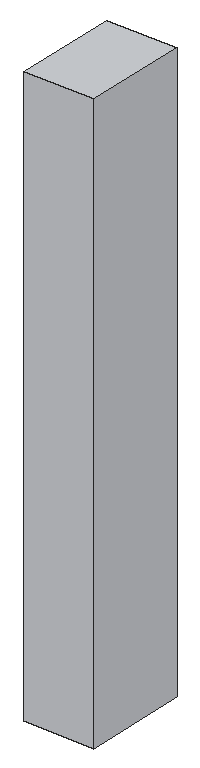
Revit family "Concrete_Rectangular", category Structural Columns, Revit 2024
Family settings
  Display in Hidden Views = Edges Hidden by Other Members
  Section Shape = Not Defined
  Material for Model Behavior = Concrete
  Always export as geometry = No
  Beam cutback in plan = From bounding box
  Cut with Voids When Loaded = No
  Symbolic Representation = From Family
  Shared = No
  Show family pre-cut in plan views = Yes
Parameters (values of type "300 x 450mm")
  b = 300 mm
  h = 450 mm
  Structural Material [instance] = none
  Keynote = "E"
  EA_Repath [instance] = 0 mm
Types (3, lengths in mm): name | b | h
  300 x 450mm | 300 | 450
  450 x 600mm | 450 | 600
  600 x 750mm | 600 | 750
Reference planes
  plane 1 "Center (Front/Back)": y = 0
  plane 2: z = 0
  plane 3 "Center (Left/Right)": x = 0
  plane 4: x = -150
  plane 5: x = 150
  plane 6: y = 225
  plane 7: y = -225
Forms (mm)
  Extrusion 1, solid, material <- "Structural Material"
    sketch origin (0, 0, 0) x (1, 0, 0) y (0, 1, 0)
      loop
        line (-150, 225) -> (-150, -225) -> (150, -225) -> (150, 225) -> (-150, 225)
    from 0 to 2500
Dimensions and locks
  equal spacing: plane 4, plane 3 "Center (Left/Right)", plane 5
  equal spacing: plane 7, plane 1 "Center (Front/Back)", plane 6
  "h": plane 7 to plane 6
  "b": plane 4 to plane 5
  aligned and locked: plane 6 to Extrusion 1 sketch curve
  aligned and locked: Extrusion 1 sketch curve to plane 7
  aligned and locked: Extrusion 1 sketch curve to plane 4
  aligned and locked: plane 5 to Extrusion 1 sketch curve
  aligned and locked: level to Extrusion 1
  aligned and locked: level to plane 2
  aligned and locked: Extrusion 1 to plane 2
